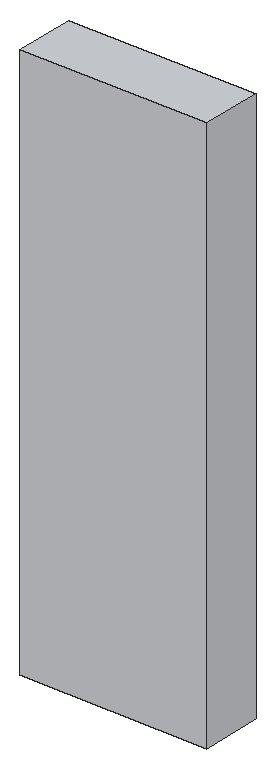
Revit family "EE_Panelboard - Vac (CCG)", category Electrical Equipment, Revit 2018
Family settings
  Panel Configuration = Two Columns, Circuits Across
  Round Connector Dimension = Use Diameter
  Part Type = Panelboard
  OmniClass Number = 23.80.30.11.17
  OmniClass Title = Distribution Boards and Control Panels
  Work Plane-Based = No
  Always vertical = Yes
  Cut with Voids When Loaded = No
  Shared = No
  Room Calculation Point = No
Parameters (values of type "EE_PNL - 240V - 1Φ")
  Width [instance] = 20"
  Wattage = ""
  Voltage = ""
  Top Elevation [instance] = if(not(Height < 78"), Height, 78")  # 78"
  built-in parameter 1140142 [instance] = (empty or 0)
  Power Factor = 1
  Panel Name [instance] = (empty or 0)
  Number of Poles = 1
  built-in parameter 1140081 [instance] = "SURFACE"
  built-in parameter 1140079 [instance] = 42
  Mains Type [instance] = if(parameter 1140142, "MLO", "MCB")  # "MCB"
  built-in parameter 1140082 [instance] = 100 (stored number, unit not read)
  built-in parameter 1140140 [instance] = 100 (stored number, unit not read)
  Load Classification = Other
  Height [instance] = 60"
  Equipment Voltage = 240 V
  Equipment Type [instance] = ""
  built-in parameter 1140083 [instance] = "NEMA 1"
  EE_Panelboard Section [instance] = "1 OF 1"
  Depth [instance] = 6 1/2"
  Center Elevation [instance] = Top Elevation - (Height / 2)  # 48"
  built-in parameter 1140143 [instance] = "100 A"
  Bottom Elevation [instance] = Top Elevation - Height  # 18"
Types (3): name | Number of Poles | Equipment Voltage | Equipment Type
  EE_PNL - 208V - 3Φ | 3 | 208 V | "Panelboard"
  EE_PNL - 480V - 3Φ | 3 | 480 V | "Panelboard"
  EE_PNL - 240V - 1Φ | 1 | 240 V | ""
Reference planes (in)
  plane 1 "Center (Front/Back)": y = 0
  plane 2 "Back (Front/Back)": z = 0
  plane 3 "Center (Left/Right)": x = 0
  plane 4 "Right Corner (Left/Right)": x = 10
  plane 5 "Left Corner (Left/Right)": x = -10
Forms (in)
  Extrusion 1, solid
    sketch origin (0, 0, 0) x (1, 0, 0) y (0, 0, 1)
      loop
        line (-10, 78) -> (-10, 18) -> (10, 18) -> (10, 78) -> (-10, 78)
    from 0 to 6.5
Lines and regions (in)
  reference lines
    curve 1: line (10, 0, 18) -> (-10, 0, 18)
    curve 2: line (10, 0, 78) -> (10, 0, 18)
    curve 3: line (-10, 0, 78) -> (10, 0, 78)
    curve 4: line (-10, 0, 18) -> (-10, 0, 78)
Dimensions and locks (in)
  "Top Elevation": curve 3 to level
  "Width": plane 5 "Left Corner (Left/Right)" to plane 4 "Right Corner (Left/Right)"
  equal spacing: plane 5 "Left Corner (Left/Right)", plane 3 "Center (Left/Right)", plane 4 "Right Corner (Left/Right)"
  "Depth": Extrusion 1 to plane 1 "Center (Front/Back)"
  "Height": curve 3 to curve 1
  aligned and locked: plane 2 "Back (Front/Back)" to level
  aligned and locked: Extrusion 1 sketch curve to curve 3
  aligned and locked: curve 4 to Extrusion 1 sketch curve
  aligned and locked: plane 4 "Right Corner (Left/Right)" to Extrusion 1 sketch curve
  aligned and locked: curve 1 to Extrusion 1
  aligned and locked: nested 1 to plane 5 "Left Corner (Left/Right)"
  aligned and locked: plane 4 "Right Corner (Left/Right)" to nested 1
  aligned and locked: plane 1 "Center (Front/Back)" to nested 1
Automatic sketch dimensions
  level to Extrusion 1 sketch curve = 18"
  plane 5 "Left Corner (Left/Right)" to curve 1 = 0"
  plane 4 "Right Corner (Left/Right)" to curve 3 = 0"
Nested families (in)
  nested 1: "Detail - Rectangular Symbol (CCG)" at (0, 0, 0), Depth <- "Depth", Width <- "Width", type "Detail - Rectangular Symbol (CCG)"
    with Width 20", Depth 6 1/2"
Connectors (in)
  electrical at (0, -3.25, 78), driven by "Load Classification", driven by "Equipment Voltage", driven by "Number of Poles", driven by "Power Factor"
    settings: on Extrusion 1, index 1, voltage 240 V, apparent load 0 VA, apparent load phase1 0 VA, apparent load phase2 0 VA, apparent load phase3 0 VA, power factor 1, load classification "Other", number of poles 1, system type 31, power factor state 1, is connector primary yes, connector utility no, sub classification motor no, connector description ""
Definition of nested family "Detail - Rectangular Symbol (CCG)"
  Parameters (values of type "Detail - Rectangular Symbol (CCG)")
    Width [instance] = 26"
    Depth [instance] = 12"
  Reference planes (in)
    plane 1 "Center (Front/Back)": y = 0
    plane 2: z = 0
    plane 3 "Center (Left/Right)": x = 0
    plane 4 "Right Corner (Left/Right)": x = 13
    plane 5 "Left Corner (Left/Right)": x = -13
  Lines and regions (in)
    reference lines, in view "Ref. Level"
      curve 1: line (-13, 0, 0) -> (13, 0, 0)
      curve 2: line (-13, -12, 0) -> (-13, 0, 0)
      curve 3: line (13, -12, 0) -> (-13, -12, 0)
      curve 4: line (13, 0, 0) -> (13, -12, 0)
    detail lines, in view "Ref. Level"
      curve 5: line (-13, 0, 0) -> (13, 0, 0)
      curve 6: line (-13, -12, 0) -> (-13, 0, 0)
      curve 7: line (13, -12, 0) -> (-13, -12, 0)
      curve 8: line (13, 0, 0) -> (13, -12, 0)
  Dimensions and locks (in)
    equal spacing: plane 5 "Left Corner (Left/Right)", plane 3 "Center (Left/Right)", plane 4 "Right Corner (Left/Right)"
    "Width": plane 5 "Left Corner (Left/Right)" to plane 4 "Right Corner (Left/Right)"
    "Depth": curve 3 to plane 1 "Center (Front/Back)"
    aligned and locked: plane 1 "Center (Front/Back)" to curve 1
    aligned and locked: plane 5 "Left Corner (Left/Right)" to curve 2
    aligned and locked: curve 5 to curve 1
    aligned and locked: curve 6 to curve 2
    aligned and locked: curve 7 to curve 3
    aligned and locked: curve 8 to curve 4
  Automatic sketch dimensions
    curve 3 to plane 4 "Right Corner (Left/Right)" = 0"
